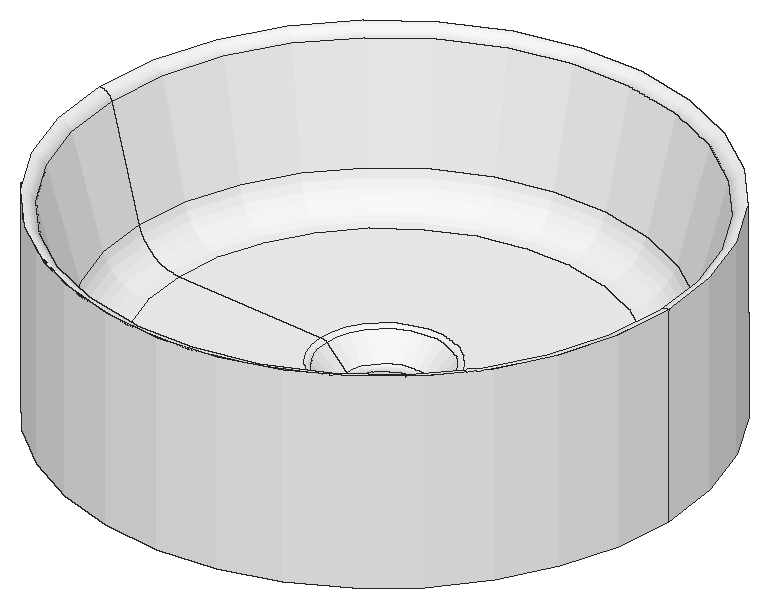
Revit family "Alma-CAMWHT12-Cameron Circle Concrete Basin-Sea Salt White", category Plumbing Fixtures, host Face, Revit 2022
Family settings
  Host = Face
  Round Connector Dimension = Use Diameter
  Part Type = Normal
  Cut with Voids When Loaded = No
  Maintain Annotation Orientation = No
  Shared = No
  Room Calculation Point = No
Parameters (values of type "Cameron Sea Salt White")
  URL = "https://www.buildmat.com.au/products/cameron-white-circle-concrete-basin"
  Model = "CAMWHT12"  # constant formula
  Material Basin = Alma Sea Salt White
  Manufacturer = "BUILDMAT"  # constant formula
  Description = "Cameron Circle Concrete Basin"  # constant formula
  Default Elevation = 1219.2 mm
  Created = "22.12.2023"  # constant formula
  Cost = 0
  Brand = "Alma"  # constant formula
Reference planes
  plane 1 "Center (Front/Back)": y = 0
  plane 2 "Bottom": z = 0
  plane 3 "Centro (Izquierda/Derecha)": x = 0
  plane 4 "Back": y = 180
  plane 5 "Front": y = -180
  plane 6 "Left": x = -180
  plane 7 "Right": x = 180
  plane 8: x = -172.5
  plane 9: x = 172.5
  plane 10: y = 172.5
  plane 11: y = -172.5
  plane 12: y = 40
  plane 13: y = -40
  plane 14: x = -40
  plane 15: x = 40
  plane 16: x = -22.5
  plane 17: x = 22.5
  plane 18: y = 22.5
  plane 19: y = -22.5
  plane 20 "Top": z = 120
  plane 21: z = 30
Forms (mm)
  Revolve 1, solid, material "Alma Sea Salt White" <- "Material Basin"
    sketch origin (0, 0, 0) x (1, 0, 0) y (0, 0, 1)
      loop
        line (-180, 120) -> (-180, 0) -> (-22.5, 0) -> (-22.5, 9.215)
        arc (-22.5, 9.215) -> (-22.881, 11.128) -> (-23.964, 12.751) r 5
        line (-23.964, 12.751) -> (-36.587, 25.373)
        arc (-36.587, 25.373) -> (-38.153, 26.439) -> (-40, 26.857) r 5.077
        line (-40, 26.857) -> (-130, 30)
        arc (-130, 30) -> (-145.983, 35.897) -> (-155.324, 50.144) r 27.2
        line (-155.324, 50.144) -> (-172.5, 114.245)
        arc (-172.5, 114.245) -> (-175.273, 118.395) -> (-180, 120) r 7.765
      axis (0, 120) -> (0, 0)
    angle from 0 to 360
Lines and regions (mm)
  symbolic lines, detail levels medium+fine
    curve 1: arc (-172.5, 0, 114.245) -> (-175.273, 0, 118.395) -> (-180, 0, 120) r 7.765
    curve 2: line (-172.5, 0, 114.245) -> (-155.324, 0, 50.144)
    curve 3: arc (-155.324, 0, 50.144) -> (-145.983, 0, 35.897) -> (-130, 0, 30) r 27.2
    curve 4: line (-130, 0, 30) -> (-40, 0, 26.857)
    curve 5: line (-36.587, 0, 25.373) -> (-23.964, 0, 12.751)
    curve 6: arc (-36.587, 0, 25.373) -> (-38.153, 0, 26.439) -> (-40, 0, 26.857) r 5.077
    curve 7: line (-22.5, 0, 9.215) -> (-22.5, 0, 0)
    curve 8: arc (-23.964, 0, 12.751) -> (-22.881, 0, 11.128) -> (-22.5, 0, 9.215) r 5
    curve 9: arc (172.5, 0, 114.245) -> (175.273, 0, 118.395) -> (180, 0, 120) r 7.765
    curve 10: line (172.5, 0, 114.245) -> (155.324, 0, 50.144)
    curve 11: arc (155.324, 0, 50.144) -> (145.983, 0, 35.897) -> (130, 0, 30) r 27.2
    curve 12: line (130, 0, 30) -> (40, 0, 26.857)
    curve 13: line (36.587, 0, 25.373) -> (23.964, 0, 12.751)
    curve 14: arc (36.587, 0, 25.373) -> (38.153, 0, 26.439) -> (40, 0, 26.857) r 5.077
    curve 15: line (22.5, 0, 9.215) -> (22.5, 0, 0)
    curve 16: arc (23.964, 0, 12.751) -> (22.881, 0, 11.128) -> (22.5, 0, 9.215) r 5
Text (mm)
  text "Refer to www.buildmat.com.au for the most current product literature. \nAllow a +/- 5mm tolerance for dimensions shown in the product literature. \nPlease note product details are subject to change due to ongoing product development." at (0.056, -1035.857, 0), in view "Nivel de referencia"
Dimensions and locks
  equal spacing: plane 4 "Back", plane 1 "Center (Front/Back)", plane 5 "Front"
  equal spacing: plane 6 "Left", plane 3 "Centro (Izquierda/Derecha)", plane 7 "Right"
  plane 6 "Left" to plane 7 "Right" = 360.0 mm
  plane 4 "Back" to plane 5 "Front" = 360.0 mm
  plane 6 "Left" to plane 8 = 7.5 mm
  plane 9 to plane 7 "Right" = 7.5 mm
  plane 4 "Back" to plane 10 = 7.5 mm
  plane 11 to plane 5 "Front" = 7.5 mm
  equal spacing: plane 14, plane 3 "Centro (Izquierda/Derecha)", plane 15
  plane 14 to plane 15 = 80.0 mm
  plane 12 to plane 13 = 80.0 mm
  equal spacing: plane 12, plane 1 "Center (Front/Back)", plane 13
  plane 18 to plane 19 = 45.0 mm
  equal spacing: plane 18, plane 1 "Center (Front/Back)", plane 19
  equal spacing: plane 16, plane 3 "Centro (Izquierda/Derecha)", plane 17
  plane 16 to plane 17 = 45.0 mm
  plane 20 "Top" to plane 2 "Bottom" = 120.0 mm
  plane 20 "Top" to plane 21 = 90.0 mm
  aligned and locked: plane 2 "Bottom" to host face
  aligned and locked: level to host face
  aligned and locked: Revolve 1 sketch curve to plane 3 "Centro (Izquierda/Derecha)"
Automatic sketch dimensions
  host sketch curve to host sketch curve = 2438.4 mm  (x2)
  Revolve 1 sketch curve to level = 0.0 mm
  Revolve 1 sketch curve to plane 6 "Left" = 0.0 mm
  Revolve 1 sketch curve to plane 20 "Top" = 0.0 mm
  Revolve 1 sketch curve to level = 40.456 mm
  plane 20 "Top" to Revolve 1 sketch curve = 24.544 mm
  Revolve 1 sketch curve to plane 8 = 0.0 mm
  Revolve 1 sketch curve to plane 20 "Top" = 7.765 mm
  plane 8 to Revolve 1 sketch curve = 17.176 mm
  plane 21 to Revolve 1 sketch curve = 20.144 mm
  Revolve 1 sketch curve to plane 21 = 0.0 mm
  Revolve 1 sketch curve to Revolve 1 sketch curve = 26.273 mm
  Revolve 1 sketch curve to Revolve 1 sketch curve = 7.04 mm
  Revolve 1 sketch curve to plane 14 = 0.0 mm
  Revolve 1 sketch curve to plane 21 = 3.143 mm
  Revolve 1 sketch curve to plane 14 = 0.177 mm
  Revolve 1 sketch curve to Revolve 1 sketch curve = 5.074 mm
  plane 14 to Revolve 1 sketch curve = 3.413 mm
  Revolve 1 sketch curve to plane 16 = 1.464 mm
  level to Revolve 1 sketch curve = 12.751 mm
  Revolve 1 sketch curve to plane 16 = 0.0 mm
  Revolve 1 sketch curve to Revolve 1 sketch curve = 3.536 mm
  curve 1 to plane 6 "Left" = 0.0 mm
  curve 2 to plane 8 = 0.0 mm
  curve 3 to plane 21 = 0.0 mm
  curve 6 to plane 14 = 0.0 mm
  curve 7 to level = 0.0 mm
  curve 7 to plane 16 = 0.0 mm
  curve 16 to plane 17 = 0.0 mm
  curve 12 to plane 15 = 0.0 mm
  curve 12 to plane 21 = 0.0 mm
  curve 9 to plane 9 = 0.0 mm
  curve 9 to plane 7 "Right" = 0.0 mm
  curve 15 to level = 0.0 mm
  curve 1 to plane 20 "Top" = 0.0 mm
  curve 9 to plane 20 "Top" = 0.0 mm
  plane 8 to curve 2 = 17.176 mm
  curve 3 to curve 4 = 25.324 mm
  curve 4 to curve 3 = 0.949 mm
  curve 6 to plane 14 = 0.177 mm
  plane 14 to curve 5 = 3.413 mm
  curve 8 to curve 7 = 5.0 mm
  curve 5 to plane 16 = 1.464 mm
  plane 17 to curve 13 = 1.464 mm
  curve 15 to curve 16 = 5.0 mm
  curve 13 to plane 15 = 3.413 mm
  plane 15 to curve 14 = 0.177 mm
  curve 11 to plane 9 = 43.449 mm
  curve 11 to curve 12 = 0.949 mm
  curve 10 to plane 9 = 17.176 mm
  level to curve 16 = 9.215 mm
  level to curve 8 = 9.215 mm
  curve 6 to plane 21 = 8.217 mm
  curve 14 to plane 21 = 8.217 mm
  curve 5 to plane 21 = 4.627 mm
  curve 13 to plane 21 = 4.627 mm
  plane 21 to curve 10 = 20.144 mm
  plane 21 to curve 2 = 20.144 mm
  curve 9 to plane 20 "Top" = 7.765 mm
  curve 1 to plane 20 "Top" = 7.765 mm
